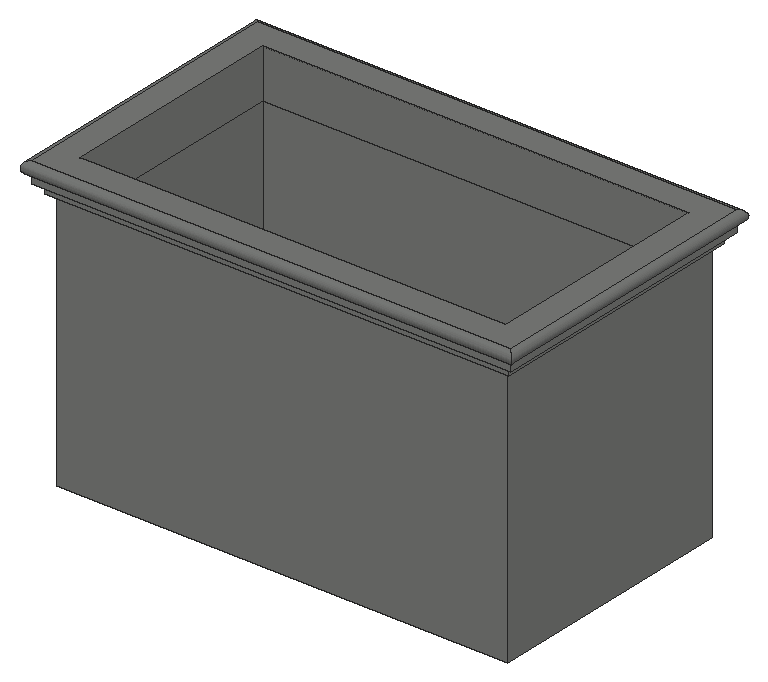
Revit family "Specialty_Equipment-Fiberglass_Planter-Planters_Unlimited-Tuscana Rectangular & Square", category Specialty Equipment, Revit 2023 (continued)
Types in the file's own list only (419): name | Type Comments | Description | CD_Width | CD_Pad Spacing | CD_OD | CD_Height | CD_Length | CD_Divider Thickness | CD_Divider
  84"L x 42"W x 42"H | "Rectangular Planter" | "Tuscana Rectangular Planter" | 42.0" | 5.0" | 0.4" | 42.0" | 84.0" | 0.4" | Yes
  84"L x 42"W x 48"H | "Rectangular Planter" | "Tuscana Rectangular Planter" | 42.0" | 5.0" | 0.4" | 48.0" | 84.0" | 0.4" | Yes
  90"L x 18"W x 18"H | "Rectangular Planter" | "Tuscana Rectangular Planter" | 18.0" | 5.0" | 0.4" | 18.0" | 90.0" | 0.4" | Yes
  90"L x 18"W x 24"H | "Rectangular Planter" | "Tuscana Rectangular Planter" | 18.0" | 5.0" | 0.4" | 24.0" | 90.0" | 0.4" | Yes
  90"L x 18"W x 30"H | "Rectangular Planter" | "Tuscana Rectangular Planter" | 18.0" | 5.0" | 0.4" | 30.0" | 90.0" | 0.4" | Yes
  90"L x 18"W x 36"H | "Rectangular Planter" | "Tuscana Rectangular Planter" | 18.0" | 5.0" | 0.4" | 36.0" | 90.0" | 0.4" | Yes
  90"L x 18"W x 42"H | "Rectangular Planter" | "Tuscana Rectangular Planter" | 18.0" | 5.0" | 0.4" | 42.0" | 90.0" | 0.4" | Yes
  90"L x 18"W x 48"H | "Rectangular Planter" | "Tuscana Rectangular Planter" | 18.0" | 5.0" | 0.4" | 48.0" | 90.0" | 0.4" | Yes
  90"L x 24"W x 18"H | "Rectangular Planter" | "Tuscana Rectangular Planter" | 24.0" | 5.0" | 0.4" | 18.0" | 90.0" | 0.4" | Yes
  90"L x 24"W x 24"H | "Rectangular Planter" | "Tuscana Rectangular Planter" | 24.0" | 5.0" | 0.4" | 24.0" | 90.0" | 0.4" | Yes
  90"L x 24"W x 30"H | "Rectangular Planter" | "Tuscana Rectangular Planter" | 24.0" | 5.0" | 0.4" | 30.0" | 90.0" | 0.4" | Yes
  90"L x 24"W x 36"H | "Rectangular Planter" | "Tuscana Rectangular Planter" | 24.0" | 5.0" | 0.4" | 36.0" | 90.0" | 0.4" | Yes
  90"L x 24"W x 42"H | "Rectangular Planter" | "Tuscana Rectangular Planter" | 24.0" | 5.0" | 0.4" | 42.0" | 90.0" | 0.4" | Yes
  90"L x 24"W x 48"H | "Rectangular Planter" | "Tuscana Rectangular Planter" | 24.0" | 5.0" | 0.4" | 48.0" | 90.0" | 0.4" | Yes
  90"L x 30"W x 18"H | "Rectangular Planter" | "Tuscana Rectangular Planter" | 30.0" | 5.0" | 0.4" | 18.0" | 90.0" | 0.4" | Yes
  90"L x 30"W x 24"H | "Rectangular Planter" | "Tuscana Rectangular Planter" | 30.0" | 5.0" | 0.4" | 24.0" | 90.0" | 0.4" | Yes
  90"L x 30"W x 30"H | "Rectangular Planter" | "Tuscana Rectangular Planter" | 30.0" | 5.0" | 0.4" | 30.0" | 90.0" | 0.4" | Yes
  90"L x 30"W x 36"H | "Rectangular Planter" | "Tuscana Rectangular Planter" | 30.0" | 5.0" | 0.4" | 36.0" | 90.0" | 0.4" | Yes
  90"L x 30"W x 42"H | "Rectangular Planter" | "Tuscana Rectangular Planter" | 30.0" | 5.0" | 0.4" | 42.0" | 90.0" | 0.4" | Yes
  90"L x 30"W x 48"H | "Rectangular Planter" | "Tuscana Rectangular Planter" | 30.0" | 5.0" | 0.4" | 48.0" | 90.0" | 0.4" | Yes
  90"L x 36"W x 18"H | "Rectangular Planter" | "Tuscana Rectangular Planter" | 36.0" | 5.0" | 0.4" | 18.0" | 90.0" | 0.4" | Yes
  90"L x 36"W x 24"H | "Rectangular Planter" | "Tuscana Rectangular Planter" | 36.0" | 5.0" | 0.4" | 24.0" | 90.0" | 0.4" | Yes
  90"L x 36"W x 30"H | "Rectangular Planter" | "Tuscana Rectangular Planter" | 36.0" | 5.0" | 0.4" | 30.0" | 90.0" | 0.4" | Yes
  90"L x 36"W x 36"H | "Rectangular Planter" | "Tuscana Rectangular Planter" | 36.0" | 5.0" | 0.4" | 36.0" | 90.0" | 0.4" | Yes
  90"L x 36"W x 42"H | "Rectangular Planter" | "Tuscana Rectangular Planter" | 36.0" | 5.0" | 0.4" | 42.0" | 90.0" | 0.4" | Yes
  90"L x 36"W x 48"H | "Rectangular Planter" | "Tuscana Rectangular Planter" | 36.0" | 5.0" | 0.4" | 48.0" | 90.0" | 0.4" | Yes
  90"L x 42"W x 18"H | "Rectangular Planter" | "Tuscana Rectangular Planter" | 42.0" | 5.0" | 0.4" | 18.0" | 90.0" | 0.4" | Yes
  90"L x 42"W x 24"H | "Rectangular Planter" | "Tuscana Rectangular Planter" | 42.0" | 5.0" | 0.4" | 24.0" | 90.0" | 0.4" | Yes
  90"L x 42"W x 30"H | "Rectangular Planter" | "Tuscana Rectangular Planter" | 42.0" | 5.0" | 0.4" | 30.0" | 90.0" | 0.4" | Yes
  90"L x 42"W x 36"H | "Rectangular Planter" | "Tuscana Rectangular Planter" | 42.0" | 5.0" | 0.4" | 36.0" | 90.0" | 0.4" | Yes
  90"L x 42"W x 42"H | "Rectangular Planter" | "Tuscana Rectangular Planter" | 42.0" | 5.0" | 0.4" | 42.0" | 90.0" | 0.4" | Yes
  90"L x 42"W x 48"H | "Rectangular Planter" | "Tuscana Rectangular Planter" | 42.0" | 5.0" | 0.4" | 48.0" | 90.0" | 0.4" | Yes
  96"L x 18"W x 18"H | "Rectangular Planter" | "Tuscana Rectangular Planter" | 18.0" | 5.0" | 0.4" | 18.0" | 96.0" | 0.4" | Yes
  96"L x 18"W x 24"H | "Rectangular Planter" | "Tuscana Rectangular Planter" | 18.0" | 5.0" | 0.4" | 24.0" | 96.0" | 0.4" | Yes
  96"L x 18"W x 30"H | "Rectangular Planter" | "Tuscana Rectangular Planter" | 18.0" | 5.0" | 0.4" | 30.0" | 96.0" | 0.4" | Yes
  96"L x 18"W x 36"H | "Rectangular Planter" | "Tuscana Rectangular Planter" | 18.0" | 5.0" | 0.4" | 36.0" | 96.0" | 0.4" | Yes
  96"L x 18"W x 42"H | "Rectangular Planter" | "Tuscana Rectangular Planter" | 18.0" | 5.0" | 0.4" | 42.0" | 96.0" | 0.4" | Yes
  96"L x 18"W x 48"H | "Rectangular Planter" | "Tuscana Rectangular Planter" | 18.0" | 5.0" | 0.4" | 48.0" | 96.0" | 0.4" | Yes
  96"L x 24"W x 18"H | "Rectangular Planter" | "Tuscana Rectangular Planter" | 24.0" | 5.0" | 0.4" | 18.0" | 96.0" | 0.4" | Yes
  96"L x 24"W x 24"H | "Rectangular Planter" | "Tuscana Rectangular Planter" | 24.0" | 5.0" | 0.4" | 24.0" | 96.0" | 0.4" | Yes
  96"L x 24"W x 30"H | "Rectangular Planter" | "Tuscana Rectangular Planter" | 24.0" | 5.0" | 0.4" | 30.0" | 96.0" | 0.4" | Yes
  96"L x 24"W x 36"H | "Rectangular Planter" | "Tuscana Rectangular Planter" | 24.0" | 5.0" | 0.4" | 36.0" | 96.0" | 0.4" | Yes
  96"L x 24"W x 42"H | "Rectangular Planter" | "Tuscana Rectangular Planter" | 24.0" | 5.0" | 0.4" | 42.0" | 96.0" | 0.4" | Yes
  96"L x 24"W x 48"H | "Rectangular Planter" | "Tuscana Rectangular Planter" | 24.0" | 5.0" | 0.4" | 48.0" | 96.0" | 0.4" | Yes
  96"L x 30"W x 18"H | "Rectangular Planter" | "Tuscana Rectangular Planter" | 30.0" | 5.0" | 0.4" | 18.0" | 96.0" | 0.4" | Yes
  96"L x 30"W x 24"H | "Rectangular Planter" | "Tuscana Rectangular Planter" | 30.0" | 5.0" | 0.4" | 24.0" | 96.0" | 0.4" | Yes
  96"L x 30"W x 30"H | "Rectangular Planter" | "Tuscana Rectangular Planter" | 30.0" | 5.0" | 0.4" | 30.0" | 96.0" | 0.4" | Yes
  96"L x 30"W x 36"H | "Rectangular Planter" | "Tuscana Rectangular Planter" | 30.0" | 5.0" | 0.4" | 36.0" | 96.0" | 0.4" | Yes
  96"L x 30"W x 42"H | "Rectangular Planter" | "Tuscana Rectangular Planter" | 30.0" | 5.0" | 0.4" | 42.0" | 96.0" | 0.4" | Yes
  96"L x 30"W x 48"H | "Rectangular Planter" | "Tuscana Rectangular Planter" | 30.0" | 5.0" | 0.4" | 48.0" | 96.0" | 0.4" | Yes
  96"L x 36"W x 18"H | "Rectangular Planter" | "Tuscana Rectangular Planter" | 36.0" | 5.0" | 0.4" | 18.0" | 96.0" | 0.4" | Yes
  96"L x 36"W x 24"H | "Rectangular Planter" | "Tuscana Rectangular Planter" | 36.0" | 5.0" | 0.4" | 24.0" | 96.0" | 0.4" | Yes
  96"L x 36"W x 30"H | "Rectangular Planter" | "Tuscana Rectangular Planter" | 36.0" | 5.0" | 0.4" | 30.0" | 96.0" | 0.4" | Yes
  96"L x 36"W x 36"H | "Rectangular Planter" | "Tuscana Rectangular Planter" | 36.0" | 5.0" | 0.4" | 36.0" | 96.0" | 0.4" | Yes
  96"L x 36"W x 42"H | "Rectangular Planter" | "Tuscana Rectangular Planter" | 36.0" | 5.0" | 0.4" | 42.0" | 96.0" | 0.4" | Yes
  96"L x 36"W x 48"H | "Rectangular Planter" | "Tuscana Rectangular Planter" | 36.0" | 5.0" | 0.4" | 48.0" | 96.0" | 0.4" | Yes
  96"L x 42"W x 18"H | "Rectangular Planter" | "Tuscana Rectangular Planter" | 42.0" | 5.0" | 0.4" | 18.0" | 96.0" | 0.4" | Yes
  96"L x 42"W x 24"H | "Rectangular Planter" | "Tuscana Rectangular Planter" | 42.0" | 5.0" | 0.4" | 24.0" | 96.0" | 0.4" | Yes
  96"L x 42"W x 30"H | "Rectangular Planter" | "Tuscana Rectangular Planter" | 42.0" | 5.0" | 0.4" | 30.0" | 96.0" | 0.4" | Yes
  96"L x 42"W x 36"H | "Rectangular Planter" | "Tuscana Rectangular Planter" | 42.0" | 5.0" | 0.4" | 36.0" | 96.0" | 0.4" | Yes
  96"L x 42"W x 42"H | "Rectangular Planter" | "Tuscana Rectangular Planter" | 42.0" | 5.0" | 0.4" | 42.0" | 96.0" | 0.4" | Yes
  96"L x 42"W x 48"H | "Rectangular Planter" | "Tuscana Rectangular Planter" | 42.0" | 5.0" | 0.4" | 48.0" | 96.0" | 0.4" | Yes
  108"L x 18"W x 18"H | "Rectangular Planter" | "Tuscana Rectangular Planter" | 18.0" | 5.0" | 0.4" | 18.0" | 108.0" | 0.4" | Yes
  108"L x 18"W x 24"H | "Rectangular Planter" | "Tuscana Rectangular Planter" | 18.0" | 5.0" | 0.4" | 24.0" | 108.0" | 0.4" | Yes
  108"L x 18"W x 30"H | "Rectangular Planter" | "Tuscana Rectangular Planter" | 18.0" | 5.0" | 0.4" | 30.0" | 108.0" | 0.4" | Yes
  108"L x 18"W x 36"H | "Rectangular Planter" | "Tuscana Rectangular Planter" | 18.0" | 5.0" | 0.4" | 36.0" | 108.0" | 0.4" | Yes
  108"L x 18"W x 42"H | "Rectangular Planter" | "Tuscana Rectangular Planter" | 18.0" | 5.0" | 0.4" | 42.0" | 108.0" | 0.4" | Yes
  108"L x 18"W x 48"H | "Rectangular Planter" | "Tuscana Rectangular Planter" | 18.0" | 5.0" | 0.4" | 48.0" | 108.0" | 0.4" | Yes
  108"L x 24"W x 18"H | "Rectangular Planter" | "Tuscana Rectangular Planter" | 24.0" | 5.0" | 0.4" | 18.0" | 108.0" | 0.4" | Yes
  108"L x 24"W x 24"H | "Rectangular Planter" | "Tuscana Rectangular Planter" | 24.0" | 5.0" | 0.4" | 24.0" | 108.0" | 0.4" | Yes
  108"L x 24"W x 30"H | "Rectangular Planter" | "Tuscana Rectangular Planter" | 24.0" | 5.0" | 0.4" | 30.0" | 108.0" | 0.4" | Yes
  108"L x 24"W x 36"H | "Rectangular Planter" | "Tuscana Rectangular Planter" | 24.0" | 5.0" | 0.4" | 36.0" | 108.0" | 0.4" | Yes
  108"L x 24"W x 42"H | "Rectangular Planter" | "Tuscana Rectangular Planter" | 24.0" | 5.0" | 0.4" | 42.0" | 108.0" | 0.4" | Yes
  108"L x 24"W x 48"H | "Rectangular Planter" | "Tuscana Rectangular Planter" | 24.0" | 5.0" | 0.4" | 48.0" | 108.0" | 0.4" | Yes
  108"L x 30"W x 18"H | "Rectangular Planter" | "Tuscana Rectangular Planter" | 30.0" | 5.0" | 0.4" | 18.0" | 108.0" | 0.4" | Yes
  108"L x 30"W x 24"H | "Rectangular Planter" | "Tuscana Rectangular Planter" | 30.0" | 5.0" | 0.4" | 24.0" | 108.0" | 0.4" | Yes
  108"L x 30"W x 30"H | "Rectangular Planter" | "Tuscana Rectangular Planter" | 30.0" | 5.0" | 0.4" | 30.0" | 108.0" | 0.4" | Yes
  108"L x 30"W x 36"H | "Rectangular Planter" | "Tuscana Rectangular Planter" | 30.0" | 5.0" | 0.4" | 36.0" | 108.0" | 0.4" | Yes
  108"L x 30"W x 42"H | "Rectangular Planter" | "Tuscana Rectangular Planter" | 30.0" | 5.0" | 0.4" | 42.0" | 108.0" | 0.4" | Yes
  108"L x 30"W x 48"H | "Rectangular Planter" | "Tuscana Rectangular Planter" | 30.0" | 5.0" | 0.4" | 48.0" | 108.0" | 0.4" | Yes
  108"L x 36"W x 18"H | "Rectangular Planter" | "Tuscana Rectangular Planter" | 36.0" | 5.0" | 0.4" | 18.0" | 108.0" | 0.4" | Yes
  108"L x 36"W x 24"H | "Rectangular Planter" | "Tuscana Rectangular Planter" | 36.0" | 5.0" | 0.4" | 24.0" | 108.0" | 0.4" | Yes
  108"L x 36"W x 30"H | "Rectangular Planter" | "Tuscana Rectangular Planter" | 36.0" | 5.0" | 0.4" | 30.0" | 108.0" | 0.4" | Yes
  108"L x 36"W x 36"H | "Rectangular Planter" | "Tuscana Rectangular Planter" | 36.0" | 5.0" | 0.4" | 36.0" | 108.0" | 0.4" | Yes
  108"L x 36"W x 42"H | "Rectangular Planter" | "Tuscana Rectangular Planter" | 36.0" | 5.0" | 0.4" | 42.0" | 108.0" | 0.4" | Yes
  108"L x 36"W x 48"H | "Rectangular Planter" | "Tuscana Rectangular Planter" | 36.0" | 5.0" | 0.4" | 48.0" | 108.0" | 0.4" | Yes
  108"L x 42"W x 18"H | "Rectangular Planter" | "Tuscana Rectangular Planter" | 42.0" | 5.0" | 0.4" | 18.0" | 108.0" | 0.4" | Yes
  108"L x 42"W x 24"H | "Rectangular Planter" | "Tuscana Rectangular Planter" | 42.0" | 5.0" | 0.4" | 24.0" | 108.0" | 0.4" | Yes
  108"L x 42"W x 30"H | "Rectangular Planter" | "Tuscana Rectangular Planter" | 42.0" | 5.0" | 0.4" | 30.0" | 108.0" | 0.4" | Yes
  108"L x 42"W x 36"H | "Rectangular Planter" | "Tuscana Rectangular Planter" | 42.0" | 5.0" | 0.4" | 36.0" | 108.0" | 0.4" | Yes
  108"L x 42"W x 42"H | "Rectangular Planter" | "Tuscana Rectangular Planter" | 42.0" | 5.0" | 0.4" | 42.0" | 108.0" | 0.4" | Yes
  108"L x 42"W x 48"H | "Rectangular Planter" | "Tuscana Rectangular Planter" | 42.0" | 5.0" | 0.4" | 48.0" | 108.0" | 0.4" | Yes
  120"L x 18"W x 18"H | "Rectangular Planter" | "Tuscana Rectangular Planter" | 18.0" | 5.0" | 0.4" | 18.0" | 120.0" | 0.4" | Yes
  120"L x 18"W x 24"H | "Rectangular Planter" | "Tuscana Rectangular Planter" | 18.0" | 5.0" | 0.4" | 24.0" | 120.0" | 0.4" | Yes
  120"L x 18"W x 30"H | "Rectangular Planter" | "Tuscana Rectangular Planter" | 18.0" | 5.0" | 0.4" | 30.0" | 120.0" | 0.4" | Yes
  120"L x 18"W x 36"H | "Rectangular Planter" | "Tuscana Rectangular Planter" | 18.0" | 5.0" | 0.4" | 36.0" | 120.0" | 0.4" | Yes
  120"L x 18"W x 42"H | "Rectangular Planter" | "Tuscana Rectangular Planter" | 18.0" | 5.0" | 0.4" | 42.0" | 120.0" | 0.4" | Yes
  120"L x 18"W x 48"H | "Rectangular Planter" | "Tuscana Rectangular Planter" | 18.0" | 5.0" | 0.4" | 48.0" | 120.0" | 0.4" | Yes
  120"L x 24"W x 18"H | "Rectangular Planter" | "Tuscana Rectangular Planter" | 24.0" | 5.0" | 0.4" | 18.0" | 120.0" | 0.4" | Yes
  120"L x 24"W x 24"H | "Rectangular Planter" | "Tuscana Rectangular Planter" | 24.0" | 5.0" | 0.4" | 24.0" | 120.0" | 0.4" | Yes
  120"L x 24"W x 30"H | "Rectangular Planter" | "Tuscana Rectangular Planter" | 24.0" | 5.0" | 0.4" | 30.0" | 120.0" | 0.4" | Yes
  120"L x 24"W x 36"H | "Rectangular Planter" | "Tuscana Rectangular Planter" | 24.0" | 5.0" | 0.4" | 36.0" | 120.0" | 0.4" | Yes
  120"L x 24"W x 42"H | "Rectangular Planter" | "Tuscana Rectangular Planter" | 24.0" | 5.0" | 0.4" | 42.0" | 120.0" | 0.4" | Yes
  120"L x 24"W x 48"H | "Rectangular Planter" | "Tuscana Rectangular Planter" | 24.0" | 5.0" | 0.4" | 48.0" | 120.0" | 0.4" | Yes
  120"L x 30"W x 18"H | "Rectangular Planter" | "Tuscana Rectangular Planter" | 30.0" | 5.0" | 0.4" | 18.0" | 120.0" | 0.4" | Yes
  120"L x 30"W x 24"H | "Rectangular Planter" | "Tuscana Rectangular Planter" | 30.0" | 5.0" | 0.4" | 24.0" | 120.0" | 0.4" | Yes
  120"L x 30"W x 30"H | "Rectangular Planter" | "Tuscana Rectangular Planter" | 30.0" | 5.0" | 0.4" | 30.0" | 120.0" | 0.4" | Yes
  120"L x 30"W x 36"H | "Rectangular Planter" | "Tuscana Rectangular Planter" | 30.0" | 5.0" | 0.4" | 36.0" | 120.0" | 0.4" | Yes
  120"L x 30"W x 42"H | "Rectangular Planter" | "Tuscana Rectangular Planter" | 30.0" | 5.0" | 0.4" | 42.0" | 120.0" | 0.4" | Yes
  120"L x 30"W x 48"H | "Rectangular Planter" | "Tuscana Rectangular Planter" | 30.0" | 5.0" | 0.4" | 48.0" | 120.0" | 0.4" | Yes
  120"L x 36"W x 18"H | "Rectangular Planter" | "Tuscana Rectangular Planter" | 36.0" | 5.0" | 0.4" | 18.0" | 120.0" | 0.4" | Yes
  120"L x 36"W x 24"H | "Rectangular Planter" | "Tuscana Rectangular Planter" | 36.0" | 5.0" | 0.4" | 24.0" | 120.0" | 0.4" | Yes
  120"L x 36"W x 30"H | "Rectangular Planter" | "Tuscana Rectangular Planter" | 36.0" | 5.0" | 0.4" | 30.0" | 120.0" | 0.4" | Yes
  120"L x 36"W x 36"H | "Rectangular Planter" | "Tuscana Rectangular Planter" | 36.0" | 5.0" | 0.4" | 36.0" | 120.0" | 0.4" | Yes
  120"L x 36"W x 42"H | "Rectangular Planter" | "Tuscana Rectangular Planter" | 36.0" | 5.0" | 0.4" | 42.0" | 120.0" | 0.4" | Yes
  120"L x 36"W x 48"H | "Rectangular Planter" | "Tuscana Rectangular Planter" | 36.0" | 5.0" | 0.4" | 48.0" | 120.0" | 0.4" | Yes
  120"L x 42"W x 18"H | "Rectangular Planter" | "Tuscana Rectangular Planter" | 42.0" | 5.0" | 0.4" | 18.0" | 120.0" | 0.4" | Yes
  120"L x 42"W x 24"H | "Rectangular Planter" | "Tuscana Rectangular Planter" | 42.0" | 5.0" | 0.4" | 24.0" | 120.0" | 0.4" | Yes
  120"L x 42"W x 30"H | "Rectangular Planter" | "Tuscana Rectangular Planter" | 42.0" | 5.0" | 0.4" | 30.0" | 120.0" | 0.4" | Yes
  120"L x 42"W x 36"H | "Rectangular Planter" | "Tuscana Rectangular Planter" | 42.0" | 5.0" | 0.4" | 36.0" | 120.0" | 0.4" | Yes
  120"L x 42"W x 42"H | "Rectangular Planter" | "Tuscana Rectangular Planter" | 42.0" | 5.0" | 0.4" | 42.0" | 120.0" | 0.4" | Yes
  120"L x 42"W x 48"H | "Rectangular Planter" | "Tuscana Rectangular Planter" | 42.0" | 5.0" | 0.4" | 48.0" | 120.0" | 0.4" | Yes
